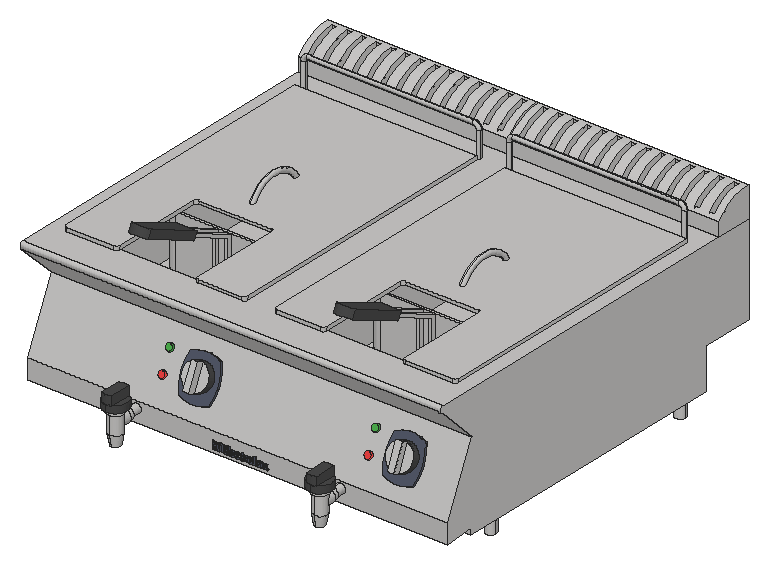
Revit family "QF_ELECTROLUXPROFESSIONAL_371143_E7FREH2E0N", category Specialty Equipment, Revit 2018 (continued)
Automatic sketch dimensions
  Extrusion 30 sketch curve to Extrusion 30 sketch curve = 57.15 mm
  plane 1 "BACK" to Extrusion 31 sketch curve = 6.761 mm
  plane 3 "LEFT" to Extrusion 31 sketch curve = 50.591 mm
  Extrusion 31 sketch curve to Extrusion 31 sketch curve = 9.296 mm
  Extrusion 31 sketch curve to Extrusion 31 sketch curve = 57.15 mm
  plane 1 "BACK" to Extrusion 32 sketch curve = 6.761 mm
  plane 3 "LEFT" to Extrusion 32 sketch curve = 78.433 mm
  Extrusion 32 sketch curve to Extrusion 32 sketch curve = 9.296 mm
  Extrusion 32 sketch curve to Extrusion 32 sketch curve = 57.15 mm
  plane 1 "BACK" to Extrusion 33 sketch curve = 6.761 mm
  plane 3 "LEFT" to Extrusion 33 sketch curve = 106.275 mm
  Extrusion 33 sketch curve to Extrusion 33 sketch curve = 9.296 mm
  Extrusion 33 sketch curve to Extrusion 33 sketch curve = 57.15 mm
  plane 1 "BACK" to Extrusion 34 sketch curve = 6.761 mm
  plane 3 "LEFT" to Extrusion 34 sketch curve = 134.118 mm
  Extrusion 34 sketch curve to Extrusion 34 sketch curve = 9.296 mm
  Extrusion 34 sketch curve to Extrusion 34 sketch curve = 57.15 mm
  plane 1 "BACK" to Extrusion 35 sketch curve = 6.761 mm
  plane 3 "LEFT" to Extrusion 35 sketch curve = 161.96 mm
  Extrusion 35 sketch curve to Extrusion 35 sketch curve = 9.296 mm
  Extrusion 35 sketch curve to Extrusion 35 sketch curve = 57.15 mm
  plane 1 "BACK" to Extrusion 36 sketch curve = 6.761 mm
  plane 3 "LEFT" to Extrusion 36 sketch curve = 189.802 mm
  Extrusion 36 sketch curve to Extrusion 36 sketch curve = 9.296 mm
  Extrusion 36 sketch curve to Extrusion 36 sketch curve = 57.15 mm
  plane 1 "BACK" to Extrusion 37 sketch curve = 6.761 mm
  Extrusion 37 sketch curve to plane 7 "Center Y" = 182.405 mm
  Extrusion 37 sketch curve to Extrusion 37 sketch curve = 9.296 mm
  Extrusion 37 sketch curve to Extrusion 37 sketch curve = 57.15 mm
  plane 1 "BACK" to Extrusion 38 sketch curve = 6.761 mm
  Extrusion 38 sketch curve to plane 7 "Center Y" = 154.563 mm
  Extrusion 38 sketch curve to Extrusion 38 sketch curve = 9.296 mm
  Extrusion 38 sketch curve to Extrusion 38 sketch curve = 57.15 mm
  plane 1 "BACK" to Extrusion 39 sketch curve = 6.761 mm
  Extrusion 39 sketch curve to plane 7 "Center Y" = 126.721 mm
  Extrusion 39 sketch curve to Extrusion 39 sketch curve = 9.296 mm
  Extrusion 39 sketch curve to Extrusion 39 sketch curve = 57.15 mm
  plane 1 "BACK" to Extrusion 40 sketch curve = 6.761 mm
  Extrusion 40 sketch curve to plane 7 "Center Y" = 98.878 mm
  Extrusion 40 sketch curve to Extrusion 40 sketch curve = 9.296 mm
  Extrusion 40 sketch curve to Extrusion 40 sketch curve = 57.15 mm
  plane 1 "BACK" to Extrusion 41 sketch curve = 6.761 mm
  Extrusion 41 sketch curve to plane 7 "Center Y" = 71.036 mm
  Extrusion 41 sketch curve to Extrusion 41 sketch curve = 9.296 mm
  Extrusion 41 sketch curve to Extrusion 41 sketch curve = 57.15 mm
  plane 1 "BACK" to Extrusion 42 sketch curve = 6.761 mm
  Extrusion 42 sketch curve to plane 7 "Center Y" = 43.194 mm
  Extrusion 42 sketch curve to Extrusion 42 sketch curve = 9.296 mm
  Extrusion 42 sketch curve to Extrusion 42 sketch curve = 57.15 mm
  Extrusion 44 sketch curve to plane 1 "BACK" = 6.761 mm
  Extrusion 44 sketch curve to plane 7 "Center Y" = 15.351 mm
  Extrusion 44 sketch curve to Extrusion 44 sketch curve = 9.296 mm
  Extrusion 44 sketch curve to Extrusion 44 sketch curve = 57.15 mm
  Extrusion 51 sketch curve to plane 1 "BACK" = 6.761 mm
  Extrusion 51 sketch curve to plane 7 "Center Y" = 182.405 mm
  Extrusion 51 sketch curve to Extrusion 51 sketch curve = 9.296 mm
  Extrusion 51 sketch curve to Extrusion 51 sketch curve = 57.15 mm
  Extrusion 52 sketch curve to plane 1 "BACK" = 6.761 mm
  Extrusion 52 sketch curve to plane 7 "Center Y" = 154.563 mm
  Extrusion 52 sketch curve to Extrusion 52 sketch curve = 9.296 mm
  Extrusion 52 sketch curve to Extrusion 52 sketch curve = 57.15 mm
  Extrusion 53 sketch curve to plane 1 "BACK" = 6.761 mm
  Extrusion 53 sketch curve to plane 7 "Center Y" = 126.721 mm
  Extrusion 53 sketch curve to Extrusion 53 sketch curve = 9.296 mm
  Extrusion 53 sketch curve to Extrusion 53 sketch curve = 57.15 mm
  Extrusion 54 sketch curve to plane 1 "BACK" = 6.761 mm
  Extrusion 54 sketch curve to plane 7 "Center Y" = 98.878 mm
  Extrusion 54 sketch curve to Extrusion 54 sketch curve = 9.296 mm
  Extrusion 54 sketch curve to Extrusion 54 sketch curve = 57.15 mm
  Extrusion 55 sketch curve to plane 1 "BACK" = 6.761 mm
  Extrusion 55 sketch curve to plane 7 "Center Y" = 71.036 mm
  Extrusion 55 sketch curve to Extrusion 55 sketch curve = 9.296 mm
  Extrusion 55 sketch curve to Extrusion 55 sketch curve = 57.15 mm
  Extrusion 56 sketch curve to plane 1 "BACK" = 6.761 mm
  Extrusion 56 sketch curve to plane 7 "Center Y" = 43.194 mm
  Extrusion 56 sketch curve to Extrusion 56 sketch curve = 9.296 mm
  Extrusion 56 sketch curve to Extrusion 56 sketch curve = 57.15 mm
  plane 7 "Center Y" to Extrusion 57 sketch curve = 1.588 mm
  Extrusion 57 sketch curve to plane 7 "Center Y" = 1.587 mm
  Extrusion 57 sketch curve to plane 1 "BACK" = 0 mm
  Extrusion 57 sketch curve to Extrusion 57 sketch curve = 69.85 mm
  Extrusion 1 sketch curve to plane 10 "TOP A" = 0 mm
  Extrusion 1 sketch curve to plane 9 "BASE" = 0 mm
  Extrusion 1 sketch curve to plane 1 "BACK" = 0 mm
  Extrusion 1 sketch curve to plane 12 = 46.038 mm
  plane 11 to Extrusion 1 sketch curve = 59.531 mm
  plane 9 "BASE" to Extrusion 1 sketch curve = 12.7 mm
  plane 11 to Extrusion 1 sketch curve = 62.516 mm
  Extrusion 1 sketch curve to plane 5 "FRONT" = 16.478 mm
  Extrusion 1 sketch curve to plane 5 "FRONT" = 4.973 mm
  Extrusion 1 sketch curve to plane 5 "FRONT" = 0.483 mm
  plane 9 "BASE" to Extrusion 1 sketch curve = 7.09 mm
  Extrusion 1 sketch curve to Extrusion 1 sketch curve = 38.1 mm
  plane 9 "BASE" to Extrusion 1 sketch curve = 77.788 mm
  Extrusion 1 sketch curve to plane 10 "TOP A" = 83.191 mm
  Extrusion 1 sketch curve to plane 10 "TOP A" = 10.84 mm
  Extrusion 2 sketch curve to plane 10 "TOP A" = 0 mm
  Extrusion 2 sketch curve to plane 1 "BACK" = 0 mm
  Extrusion 2 sketch curve to plane 6 "TOP" = 0 mm
  plane 1 "BACK" to Extrusion 2 sketch curve = 1.769 mm
  plane 10 "TOP A" to Extrusion 2 sketch curve = 25.4 mm
  plane 1 "BACK" to Extrusion 2 sketch curve = 69.85 mm
  plane 12 to Extrusion 3 sketch curve = 0.124 mm  (x2)
  Extrusion 3 sketch curve to plane 4 "RIGHT" = 33.338 mm
  plane 7 "Center Y" to Extrusion 3 sketch curve = 26.988 mm
  Extrusion 3 sketch curve to plane 7 "Center Y" = 26.988 mm
  plane 3 "LEFT" to Extrusion 3 sketch curve = 33.338 mm
  plane 11 to Extrusion 3 sketch curve = 57.877 mm
  Extrusion 3 sketch curve to Extrusion 3 sketch curve = 0 mm
  plane 11 to Extrusion 5 sketch curve = 0 mm  (x2)
  plane 12 to Extrusion 5 sketch curve = 0 mm  (x2)
  plane 3 "LEFT" to Extrusion 5 sketch curve = 11.112 mm  (x2)
  Extrusion 5 sketch curve to plane 4 "RIGHT" = 11.113 mm  (x2)
  Extrusion 6 sketch curve to Extrusion 1 = 31.333 mm  (x4)
  Extrusion 6 sketch curve to Extrusion 6 sketch curve = 12.3 mm  (x6)
  Extrusion 6 sketch curve to Extrusion 6 sketch curve = 34.925 mm  (x4)
  Extrusion 1 to Extrusion 6 sketch curve = 44.467 mm  (x2)
  Extrusion 1 to Extrusion 6 sketch curve = 49.735 mm
  Extrusion 6 sketch curve to Extrusion 6 sketch curve = 25.727 mm  (x4)
  Extrusion 6 sketch curve to Extrusion 6 sketch curve = 28.575 mm  (x2)
  Extrusion 1 to Extrusion 6 sketch curve = 361.542 mm
  Extrusion 7 sketch curve to Extrusion 7 sketch curve = 0 mm
  Extrusion 7 sketch curve to Extrusion 7 sketch curve = 388.937 mm
  Extrusion 8 sketch curve to Extrusion 8 sketch curve = 24.732 mm  (x2)
  Extrusion 8 sketch curve to Extrusion 8 sketch curve = 0 mm  (x2)
  Extrusion 1 to Extrusion 9 sketch curve = 39.678 mm  (x2)
  Extrusion 1 to Extrusion 9 sketch curve = 167.915 mm
  Extrusion 1 to Extrusion 9 sketch curve = 240.073 mm
  Extrusion 10 sketch curve to Extrusion 1 = 50.809 mm  (x2)
  Extrusion 1 to Extrusion 10 sketch curve = 167.915 mm
  Extrusion 1 to Extrusion 10 sketch curve = 240.073 mm
  Revolve 11 sketch curve to plane 9 "BASE" = 8.123 mm
  plane 5 "FRONT" to Revolve 11 sketch curve = 32.926 mm
  Revolve 11 sketch curve to Revolve 11 sketch curve = 0 mm
  Revolve 11 sketch curve to Revolve 11 sketch curve = 9.009 mm
  plane 5 "FRONT" to Revolve 11 sketch curve = 20.301 mm
  Revolve 11 sketch curve to Revolve 11 sketch curve = 3.277 mm
  Revolve 11 sketch curve to Revolve 11 sketch curve = 6.35 mm
  plane 9 "BASE" to Revolve 11 sketch curve = 12.388 mm
  Revolve 11 sketch curve to Revolve 11 sketch curve = 36.341 mm
  Revolve 11 sketch curve to Revolve 11 sketch curve = 7.879 mm
  Revolve 11 sketch curve to Revolve 11 sketch curve = 12.7 mm  (x2)
  Revolve 11 sketch curve to Revolve 11 sketch curve = 15.064 mm
  plane 5 "FRONT" to Revolve 12 sketch curve = 34.322 mm
  plane 5 "FRONT" to Revolve 12 sketch curve = 12.357 mm
  plane 5 "FRONT" to Revolve 12 sketch curve = 3.364 mm
  Revolve 12 sketch curve to plane 5 "FRONT" = 16.478 mm
  Revolve 12 sketch curve to Revolve 12 sketch curve = 0 mm  (x2)
  Revolve 12 sketch curve to Revolve 12 sketch curve = 9.137 mm
  plane 9 "BASE" to Revolve 12 sketch curve = 19.447 mm
  Revolve 12 sketch curve to Revolve 12 sketch curve = 1.702 mm
  Revolve 12 sketch curve to Revolve 12 sketch curve = 2.047 mm
  Revolve 12 sketch curve to Revolve 12 sketch curve = 12.303 mm
  Revolve 13 sketch curve to plane 9 "BASE" = 8.123 mm
  plane 5 "FRONT" to Revolve 13 sketch curve = 32.926 mm
  Revolve 13 sketch curve to Revolve 13 sketch curve = 0 mm
  Revolve 13 sketch curve to Revolve 13 sketch curve = 9.009 mm
  plane 5 "FRONT" to Revolve 13 sketch curve = 20.301 mm
  Revolve 13 sketch curve to Revolve 13 sketch curve = 3.277 mm
  Revolve 13 sketch curve to Revolve 13 sketch curve = 6.35 mm
  plane 9 "BASE" to Revolve 13 sketch curve = 12.388 mm
  Revolve 13 sketch curve to Revolve 13 sketch curve = 36.341 mm
  Revolve 13 sketch curve to Revolve 13 sketch curve = 7.879 mm
  Revolve 13 sketch curve to Revolve 13 sketch curve = 12.7 mm  (x2)
  Revolve 13 sketch curve to Revolve 13 sketch curve = 15.064 mm
  plane 5 "FRONT" to Revolve 14 sketch curve = 34.322 mm
  plane 5 "FRONT" to Revolve 14 sketch curve = 12.357 mm
  plane 5 "FRONT" to Revolve 14 sketch curve = 3.364 mm
  Revolve 14 sketch curve to plane 5 "FRONT" = 16.478 mm
  Revolve 14 sketch curve to Revolve 14 sketch curve = 0 mm  (x2)
  Revolve 14 sketch curve to Revolve 14 sketch curve = 9.137 mm
  plane 9 "BASE" to Revolve 14 sketch curve = 19.447 mm
  Revolve 14 sketch curve to Revolve 14 sketch curve = 1.702 mm
  Revolve 14 sketch curve to Revolve 14 sketch curve = 2.047 mm
  Revolve 14 sketch curve to Revolve 14 sketch curve = 12.303 mm
  Extrusion 15 sketch curve to Extrusion 15 sketch curve = 0 mm  (x5)
  Extrusion 15 sketch curve to Extrusion 15 sketch curve = 20.063 mm  (x2)
  Revolve 11 to Extrusion 15 sketch curve = 9.626 mm
  Extrusion 15 sketch curve to Revolve 11 = 9.626 mm
  Extrusion 15 sketch curve to Extrusion 15 sketch curve = 369.686 mm
  Extrusion 15 sketch curve to Extrusion 15 sketch curve = 9.626 mm
  Extrusion 1 to Extrusion 16 sketch curve = 33.906 mm
  plane 1 "BACK" to Extrusion 17 sketch curve = 0 mm
  Extrusion 17 sketch curve to plane 3 "LEFT" = 0 mm
  Extrusion 17 sketch curve to plane 4 "RIGHT" = 0 mm
  Extrusion 17 sketch curve to plane 3 "LEFT" = 150.019 mm
  plane 5 "FRONT" to Extrusion 17 sketch curve = 1.377 mm  (x2)
  plane 4 "RIGHT" to Extrusion 17 sketch curve = 150.019 mm
  Extrusion 17 sketch curve to plane 1 "BACK" = 150.019 mm
  curve 7 to plane 4 "RIGHT" = 0 mm
  plane 5 "FRONT" to curve 93 = 0 mm
  curve 6 to plane 3 "LEFT" = 0 mm
  plane 1 "BACK" to curve 4 = 0 mm
  plane 4 "RIGHT" to curve 3 = 150.019 mm
  curve 134 to plane 4 "RIGHT" = 13.453 mm
  curve 134 to curve 133 = 9.296 mm
  curve 43 to plane 4 "RIGHT" = 26.988 mm
  curve 44 to curve 45 = 6.35 mm
  curve 43 to curve 81 = 10.61 mm
  curve 140 to curve 139 = 9.296 mm
  curve 143 to curve 142 = 9.296 mm
  curve 142 to curve 146 = 18.547 mm
  curve 146 to curve 145 = 9.296 mm
  curve 45 to curve 46 = 88.9 mm
  curve 145 to curve 149 = 18.547 mm
  curve 46 to curve 61 = 6.35 mm
  curve 149 to curve 150 = 9.296 mm
  curve 47 to curve 48 = 6.35 mm
  plane 1 "BACK" to curve 153 = 6.761 mm
  curve 148 to curve 153 = 18.547 mm
  curve 152 to curve 151 = 9.296 mm
  plane 1 "BACK" to curve 156 = 6.761 mm
  curve 151 to curve 156 = 18.547 mm
  curve 47 to curve 67 = 54.879 mm
  curve 60 to curve 67 = 0 mm  (x2)
  curve 59 to plane 11 = 5.711 mm
  curve 47 to curve 59 = 58.32 mm
  curve 155 to curve 156 = 9.296 mm
  curve 48 to curve 64 = 56.049 mm
  plane 5 "FRONT" to curve 93 = 13.586 mm
  curve 60 to curve 93 = 8.46 mm
  curve 48 to curve 68 = 60.633 mm
  curve 93 to curve 90 = 1.381 mm
  curve 64 to curve 63 = 5.857 mm
  curve 68 to curve 70 = 4.449 mm
  curve 67 to curve 67 = 18.617 mm
  curve 90 to curve 89 = 9.626 mm
  plane 1 "BACK" to curve 159 = 6.761 mm
  curve 156 to curve 159 = 18.547 mm
  curve 63 to curve 66 = 17.363 mm
  curve 88 to curve 91 = 9.626 mm
  curve 91 to curve 92 = 1.488 mm
  curve 158 to curve 157 = 9.296 mm
  curve 66 to curve 65 = 5.857 mm
  curve 60 to curve 57 = 18.617 mm
  plane 1 "BACK" to curve 161 = 6.761 mm
  curve 157 to curve 161 = 18.547 mm
  curve 161 to curve 162 = 9.296 mm
  plane 1 "BACK" to curve 165 = 6.761 mm
  curve 160 to curve 165 = 18.547 mm
  curve 65 to curve 50 = 51.399 mm
  curve 164 to curve 163 = 9.296 mm
  curve 50 to curve 50 = 6.35 mm
  curve 51 to curve 52 = 6.35 mm
  plane 1 "BACK" to curve 168 = 6.761 mm
  curve 163 to curve 168 = 18.547 mm
  curve 167 to curve 166 = 9.296 mm
  plane 1 "BACK" to curve 171 = 6.761 mm
  curve 166 to curve 171 = 18.547 mm
  curve 170 to curve 169 = 9.296 mm
  curve 169 to curve 173 = 18.547 mm
  plane 7 "Center Y" to curve 53 = 33.338 mm
  plane 7 "Center Y" to curve 80 = 28.891 mm
  curve 54 to curve 55 = 6.35 mm
  curve 172 to curve 137 = 18.547 mm
  curve 137 to curve 136 = 9.296 mm
  plane 1 "BACK" to curve 94 = 6.761 mm
  curve 94 to plane 7 "Center Y" = 15.351 mm
  curve 94 to curve 95 = 9.296 mm
  curve 23 to plane 7 "Center Y" = 26.988 mm
  curve 23 to curve 76 = 1.903 mm
  curve 22 to curve 22 = 6.35 mm
  plane 1 "BACK" to curve 132 = 6.761 mm
  curve 95 to curve 132 = 18.547 mm
  plane 1 "BACK" to curve 129 = 6.761 mm
  curve 131 to curve 129 = 18.547 mm
  plane 1 "BACK" to curve 126 = 6.761 mm
  curve 128 to curve 126 = 18.547 mm
  curve 124 to curve 125 = 9.296 mm
  curve 22 to curve 20 = 82.55 mm
  curve 41 to plane 7 "Center Y" = 122.238 mm
  plane 1 "BACK" to curve 123 = 6.761 mm
  curve 125 to curve 123 = 18.547 mm
  curve 18 to curve 17 = 6.35 mm
  curve 121 to curve 122 = 9.296 mm
  plane 1 "BACK" to curve 118 = 6.761 mm
  curve 122 to curve 118 = 18.547 mm
  curve 118 to curve 119 = 9.296 mm
  curve 19 to curve 31 = 53.67 mm
  curve 26 to curve 34 = 4.079 mm
  plane 1 "BACK" to curve 117 = 6.761 mm
  curve 119 to curve 117 = 18.547 mm
  curve 26 to curve 86 = 6.654 mm
  curve 86 to curve 85 = 1.488 mm
  curve 34 to curve 35 = 5.857 mm
  curve 115 to curve 117 = 9.296 mm
  curve 85 to curve 82 = 9.626 mm
  curve 36 to curve 36 = 18.617 mm
  curve 29 to curve 36 = 0 mm
  plane 8 "Center X" to curve 38 = 38.031 mm
  curve 18 to curve 38 = 66.994 mm
  curve 40 to curve 40 = 4.449 mm
  curve 35 to curve 32 = 17.363 mm
  curve 82 to curve 84 = 9.626 mm
  curve 84 to curve 87 = 1.381 mm
  curve 32 to curve 33 = 5.857 mm
  curve 116 to curve 112 = 18.547 mm
  curve 29 to curve 36 = 18.617 mm
  curve 36 to curve 36 = 3.442 mm
  curve 36 to curve 29 = 3.442 mm
  curve 109 to curve 110 = 9.296 mm
  curve 33 to curve 16 = 56.049 mm
  curve 110 to curve 106 = 18.547 mm
  curve 30 to curve 14 = 58.32 mm
  curve 106 to curve 107 = 9.296 mm
  curve 15 to curve 14 = 6.35 mm
  plane 1 "BACK" to curve 105 = 6.761 mm
  curve 107 to curve 105 = 18.547 mm
  curve 103 to curve 104 = 9.296 mm
  plane 1 "BACK" to curve 102 = 6.761 mm
  curve 104 to curve 102 = 18.547 mm
  curve 100 to curve 101 = 9.296 mm
  plane 1 "BACK" to curve 99 = 6.761 mm
  curve 101 to curve 99 = 18.547 mm
  curve 97 to curve 98 = 9.296 mm
  curve 98 to curve 75 = 3.697 mm
  plane 3 "LEFT" to curve 13 = 33.338 mm
  curve 75 to curve 24 = 10.61 mm
  plane 1 "BACK" to curve 8 = 6.761 mm
  curve 98 to curve 8 = 18.547 mm
  curve 8 to curve 9 = 9.296 mm
  plane 5 "FRONT" to curve 1 = 1.377 mm
  curve 1 to plane 3 "LEFT" = 150.019 mm
  curve 1 to plane 1 "BACK" = 150.019 mm
  plane 1 "BACK" to curve 174 = 6.761 mm
  plane 1 "BACK" to curve 150 = 6.761 mm
  plane 1 "BACK" to curve 147 = 6.761 mm
  plane 1 "BACK" to curve 144 = 6.761 mm
  plane 1 "BACK" to curve 141 = 6.761 mm
  plane 1 "BACK" to curve 138 = 6.761 mm
  plane 1 "BACK" to curve 135 = 6.761 mm
  plane 1 "BACK" to curve 114 = 6.761 mm
  plane 1 "BACK" to curve 111 = 6.761 mm
  plane 1 "BACK" to curve 108 = 6.761 mm
  curve 8 to curve 8 = 57.15 mm
  curve 113 to curve 113 = 57.15 mm
  curve 112 to curve 115 = 0 mm
  curve 115 to curve 118 = 0 mm
  curve 130 to curve 94 = 0 mm
  curve 134 to curve 177 = 5.939 mm
  curve 137 to curve 78 = 36.504 mm
  curve 95 to curve 74 = 36.504 mm
  curve 78 to curve 79 = 7.655 mm
  curve 74 to curve 77 = 7.655 mm
  curve 75 to curve 24 = 4.767 mm
  curve 79 to curve 55 = 4.767 mm
  plane 8 "Center X" to curve 71 = 38.031 mm
  curve 70 to plane 8 "Center X" = 63.432 mm
  curve 39 to plane 8 "Center X" = 63.432 mm
  curve 38 to curve 18 = 46.229 mm
  curve 69 to curve 49 = 46.229 mm
  curve 50 to curve 72 = 22.324 mm
  curve 16 to curve 41 = 22.324 mm
  curve 16 to curve 32 = 25.499 mm
  curve 48 to curve 64 = 25.499 mm
  curve 32 to plane 11 = 5.711 mm
  plane 11 to curve 11 = 57.877 mm
  plane 11 to curve 62 = 57.877 mm
  plane 11 to curve 46 = 57.877 mm
  curve 30 to curve 31 = 0 mm
  curve 61 to curve 67 = 33.188 mm
  curve 30 to curve 36 = 33.188 mm
  curve 67 to curve 60 = 6.713 mm  (x2)
  curve 36 to curve 29 = 6.713 mm
  curve 60 to curve 67 = 4.011 mm
  curve 29 to curve 36 = 4.011 mm
  curve 36 to curve 28 = 6.713 mm
  plane 5 "FRONT" to curve 3 = 1.377 mm
  plane 5 "FRONT" to curve 83 = 10.673 mm
  curve 89 to curve 93 = 2.913 mm
  curve 82 to curve 85 = 2.19 mm
  Extrusion 18 sketch curve to plane 4 "RIGHT" = 26.988 mm
  Extrusion 18 sketch curve to Extrusion 18 sketch curve = 6.35 mm  (x8)
  Extrusion 18 sketch curve to Extrusion 18 sketch curve = 88.9 mm
  Extrusion 18 sketch curve to plane 4 "RIGHT" = 128.588 mm
  plane 7 "Center Y" to Extrusion 18 sketch curve = 128.588 mm
  plane 11 to Extrusion 18 sketch curve = 57.877 mm  (x4)
  plane 7 "Center Y" to Extrusion 18 sketch curve = 122.238 mm
  plane 7 "Center Y" to Extrusion 18 sketch curve = 33.338 mm
  Extrusion 18 sketch curve to plane 7 "Center Y" = 26.988 mm
  Extrusion 18 sketch curve to Extrusion 18 sketch curve = 82.55 mm
  plane 3 "LEFT" to Extrusion 18 sketch curve = 134.938 mm
  plane 3 "LEFT" to Extrusion 18 sketch curve = 128.588 mm
  plane 3 "LEFT" to Extrusion 18 sketch curve = 33.338 mm
  plane 3 "LEFT" to Extrusion 18 sketch curve = 26.988 mm
  Extrusion 18 sketch curve to plane 8 "Center X" = 116.012 mm  (x2)
  Extrusion 18 sketch curve to plane 12 = 34.801 mm  (x2)
  Sweep 19 sketch curve to plane 10 "TOP A" = 0 mm  (x2)
  Sweep 19 sketch curve to plane 6 "TOP" = 9.525 mm
  plane 3 "LEFT" to Sweep 19 sketch curve = 39.688 mm
  Sweep 19 sketch curve to Sweep 19 sketch curve = 6.35 mm  (x2)
  Sweep 19 sketch curve to plane 7 "Center Y" = 37.331 mm
  Sweep 19 sketch curve to profile plane = 2.09 mm
  profile plane to Sweep 19 sketch curve = 140.754 mm
  Extrusion 26 sketch curve to Extrusion 26 sketch curve = 0 mm  (x16)
  Extrusion 26 sketch curve to plane 4 "RIGHT" = 91.225 mm
  Extrusion 26 sketch curve to Extrusion 26 sketch curve = 3.175 mm  (x2)
  Extrusion 26 sketch curve to Extrusion 26 sketch curve = 22.225 mm  (x6)
  plane 7 "Center Y" to Extrusion 26 sketch curve = 105.625 mm  (x2)
  plane 12 to Extrusion 26 sketch curve = 44.673 mm
  Extrusion 26 sketch curve to plane 7 "Center Y" = 80.225 mm
  plane 3 "LEFT" to Extrusion 26 sketch curve = 116.625 mm  (x2)
  plane 12 to Extrusion 26 sketch curve = 41.498 mm
  Extrusion 26 sketch curve to plane 8 "Center X" = 116.11 mm  (x2)
  Sweep 29 sketch curve to plane 10 "TOP A" = 0 mm  (x2)
  Sweep 29 sketch curve to plane 6 "TOP" = 9.525 mm
  Sweep 29 sketch curve to plane 4 "RIGHT" = 39.688 mm
  Sweep 29 sketch curve to Sweep 29 sketch curve = 6.35 mm  (x2)
  plane 7 "Center Y" to Sweep 29 sketch curve = 37.331 mm
  profile plane to Sweep 29 sketch curve = 2.09 mm
  profile plane to Sweep 29 sketch curve = 140.754 mm
  Extrusion 43 sketch curve to plane 1 "BACK" = 6.761 mm
  plane 4 "RIGHT" to Extrusion 43 sketch curve = 22.749 mm
  Extrusion 43 sketch curve to Extrusion 43 sketch curve = 9.296 mm
  Extrusion 43 sketch curve to Extrusion 43 sketch curve = 57.15 mm
  Extrusion 45 sketch curve to plane 1 "BACK" = 6.761 mm
  plane 4 "RIGHT" to Extrusion 45 sketch curve = 50.591 mm
  Extrusion 45 sketch curve to Extrusion 45 sketch curve = 9.296 mm
  Extrusion 45 sketch curve to Extrusion 45 sketch curve = 57.15 mm
  Extrusion 46 sketch curve to plane 1 "BACK" = 6.761 mm
  plane 4 "RIGHT" to Extrusion 46 sketch curve = 78.433 mm
  Extrusion 46 sketch curve to Extrusion 46 sketch curve = 9.296 mm
  Extrusion 46 sketch curve to Extrusion 46 sketch curve = 57.15 mm
  Extrusion 47 sketch curve to plane 1 "BACK" = 6.761 mm
  plane 4 "RIGHT" to Extrusion 47 sketch curve = 106.275 mm
  Extrusion 47 sketch curve to Extrusion 47 sketch curve = 9.296 mm
  Extrusion 47 sketch curve to Extrusion 47 sketch curve = 57.15 mm
  Extrusion 48 sketch curve to plane 1 "BACK" = 6.761 mm
  plane 4 "RIGHT" to Extrusion 48 sketch curve = 134.118 mm
  Extrusion 48 sketch curve to Extrusion 48 sketch curve = 9.296 mm
  Extrusion 48 sketch curve to Extrusion 48 sketch curve = 57.15 mm
  Extrusion 49 sketch curve to plane 1 "BACK" = 6.761 mm
  plane 4 "RIGHT" to Extrusion 49 sketch curve = 161.96 mm
  Extrusion 49 sketch curve to Extrusion 49 sketch curve = 9.296 mm
  Extrusion 49 sketch curve to Extrusion 49 sketch curve = 57.15 mm
  Extrusion 50 sketch curve to plane 1 "BACK" = 6.761 mm
  plane 4 "RIGHT" to Extrusion 50 sketch curve = 189.802 mm
  Extrusion 50 sketch curve to Extrusion 50 sketch curve = 9.296 mm
  Extrusion 50 sketch curve to Extrusion 50 sketch curve = 57.15 mm
  plane 7 "Center Y" to curve 175 = 1.587 mm
  curve 176 to plane 7 "Center Y" = 1.588 mm
  curve 176 to curve 175 = 0 mm
  plane 3 "LEFT" to curve 178 = 13.453 mm
  curve 178 to curve 178 = 9.296 mm
  curve 178 to curve 180 = 18.547 mm
  curve 180 to curve 180 = 9.296 mm
  curve 180 to curve 181 = 18.547 mm
  curve 181 to curve 181 = 9.296 mm
  curve 181 to curve 182 = 18.547 mm
  curve 182 to curve 182 = 9.296 mm
  curve 182 to curve 183 = 18.547 mm
  curve 183 to curve 183 = 9.296 mm
  curve 183 to curve 184 = 18.547 mm
  curve 184 to curve 184 = 9.296 mm
  curve 184 to curve 185 = 18.547 mm
  curve 185 to curve 185 = 9.296 mm
  curve 185 to curve 186 = 18.547 mm
  curve 186 to curve 186 = 9.296 mm
  curve 186 to curve 187 = 18.547 mm
  curve 187 to curve 187 = 9.296 mm
  curve 187 to curve 188 = 18.547 mm
  curve 188 to curve 188 = 9.296 mm
  curve 188 to curve 189 = 18.547 mm
  curve 189 to curve 189 = 9.296 mm
  curve 189 to curve 190 = 18.547 mm
  curve 190 to curve 190 = 9.296 mm
  curve 190 to curve 191 = 18.547 mm
  curve 191 to curve 191 = 9.296 mm
  curve 191 to curve 179 = 18.547 mm
  curve 179 to curve 179 = 9.296 mm
  plane 7 "Center Y" to curve 193 = 15.351 mm
  curve 193 to curve 193 = 9.296 mm
  curve 193 to curve 205 = 18.547 mm
  curve 205 to curve 205 = 9.296 mm
  curve 205 to curve 204 = 18.547 mm
  curve 204 to curve 204 = 9.296 mm
  curve 204 to curve 203 = 18.547 mm
  curve 203 to curve 203 = 9.296 mm
  curve 203 to curve 202 = 18.547 mm
  curve 202 to curve 202 = 9.296 mm
  curve 202 to curve 201 = 18.547 mm
  curve 201 to curve 201 = 9.296 mm
  curve 201 to curve 200 = 18.547 mm
  curve 200 to curve 200 = 9.296 mm
  curve 200 to curve 199 = 18.547 mm
  curve 199 to curve 199 = 9.296 mm
  curve 199 to curve 198 = 18.547 mm
  curve 198 to curve 198 = 9.296 mm
  curve 198 to curve 197 = 18.547 mm
  curve 197 to curve 197 = 9.296 mm
  curve 197 to curve 196 = 18.547 mm
  curve 196 to curve 196 = 9.296 mm
  curve 196 to curve 195 = 18.547 mm
  curve 195 to curve 195 = 9.296 mm
  curve 195 to curve 194 = 18.547 mm
  curve 194 to curve 194 = 9.296 mm
  curve 194 to curve 192 = 18.547 mm
  curve 192 to curve 192 = 9.296 mm
  plane 1 "BACK" to curve 178 = 63.911 mm
  plane 1 "BACK" to curve 179 = 63.911 mm
  curve 178 to curve 180 = 0 mm
  curve 180 to curve 181 = 0 mm
  curve 181 to curve 182 = 0 mm
  curve 182 to curve 183 = 0 mm
  curve 183 to curve 184 = 0 mm
  curve 184 to curve 185 = 0 mm
  curve 185 to curve 186 = 0 mm
  curve 186 to curve 187 = 0 mm
  curve 187 to curve 188 = 0 mm
  curve 188 to curve 189 = 0 mm
  curve 189 to curve 190 = 0 mm
  curve 190 to curve 191 = 0 mm
  plane 1 "BACK" to curve 192 = 63.911 mm
  curve 179 to curve 193 = 0 mm
  curve 194 to curve 192 = 0 mm
  curve 195 to curve 194 = 0 mm
  curve 196 to curve 195 = 0 mm
  curve 197 to curve 196 = 0 mm
  curve 198 to curve 197 = 0 mm
  curve 199 to curve 198 = 0 mm
  curve 200 to curve 199 = 0 mm
  curve 201 to curve 200 = 0 mm
  curve 202 to curve 201 = 0 mm
  curve 203 to curve 202 = 0 mm
  curve 204 to curve 203 = 0 mm
  curve 205 to curve 204 = 0 mm
  curve 133 to curve 140 = 18.547 mm
  curve 139 to curve 144 = 18.547 mm
  curve 173 to curve 172 = 9.296 mm
  curve 130 to curve 131 = 9.296 mm
  curve 127 to curve 129 = 9.296 mm
  curve 112 to curve 113 = 9.296 mm
  curve 113 to curve 109 = 18.547 mm
  curve 124 to curve 124 = 57.15 mm
  curve 125 to curve 124 = 0 mm
  curve 124 to curve 127 = 0 mm
  curve 128 to curve 127 = 0 mm
  curve 122 to curve 125 = 0 mm
  curve 122 to curve 121 = 0 mm
  curve 127 to curve 130 = 0 mm
  curve 131 to curve 130 = 0 mm
  curve 133 to curve 133 = 57.15 mm
  curve 133 to curve 134 = 0 mm
  curve 119 to curve 122 = 0 mm
  curve 119 to curve 118 = 0 mm
  curve 136 to curve 175 = 5.939 mm
  curve 136 to curve 137 = 0 mm
  curve 140 to curve 133 = 0 mm
  curve 142 to curve 140 = 0 mm
  curve 116 to curve 115 = 0 mm
  curve 142 to curve 143 = 0 mm
  curve 145 to curve 142 = 0 mm
  curve 145 to curve 146 = 0 mm
  curve 148 to curve 145 = 0 mm
  curve 148 to curve 149 = 0 mm
  curve 151 to curve 148 = 0 mm
  curve 151 to curve 152 = 0 mm
  curve 154 to curve 151 = 0 mm
  curve 110 to curve 113 = 0 mm
  curve 110 to curve 109 = 0 mm
  curve 154 to curve 155 = 0 mm
  curve 95 to curve 94 = 0 mm
  curve 157 to curve 154 = 0 mm
  curve 107 to curve 110 = 0 mm
  curve 107 to curve 106 = 0 mm
  curve 157 to curve 158 = 0 mm
  curve 160 to curve 157 = 0 mm
  curve 160 to curve 161 = 0 mm
  curve 163 to curve 160 = 0 mm
  curve 104 to curve 107 = 0 mm
  curve 104 to curve 103 = 0 mm
  curve 163 to curve 164 = 0 mm
  curve 166 to curve 163 = 0 mm
  curve 166 to curve 167 = 0 mm
  curve 169 to curve 166 = 0 mm
  curve 101 to curve 104 = 0 mm
  curve 101 to curve 100 = 0 mm
  curve 169 to curve 170 = 0 mm
  curve 137 to curve 172 = 0 mm
  curve 172 to curve 173 = 0 mm
  curve 9 to curve 8 = 0 mm
  curve 8 to curve 98 = 0 mm
  curve 98 to curve 97 = 0 mm
  curve 139 to curve 140 = 0 mm
  plane 9 "BASE" to Extrusion 58 sketch curve = 9.251 mm
  plane 9 "BASE" to Extrusion 58 sketch curve = 14.292 mm
  plane 9 "BASE" to Extrusion 58 sketch curve = 14.311 mm
  Extrusion 58 sketch curve to plane 7 "Center Y" = 0.672 mm
  Extrusion 58 sketch curve to Extrusion 58 sketch curve = 0 mm  (x28)
  Extrusion 58 sketch curve to Extrusion 58 sketch curve = 5.108 mm  (x2)
  Extrusion 58 sketch curve to Extrusion 58 sketch curve = 0.054 mm
  Extrusion 58 sketch curve to Extrusion 58 sketch curve = 0.218 mm
  Extrusion 58 sketch curve to Extrusion 58 sketch curve = 0.195 mm
  Extrusion 58 sketch curve to Extrusion 58 sketch curve = 0.249 mm
  plane 9 "BASE" to Extrusion 58 sketch curve = 14.608 mm
  Extrusion 58 sketch curve to Extrusion 58 sketch curve = 0.087 mm
  Extrusion 58 sketch curve to Extrusion 58 sketch curve = 0.358 mm
  Extrusion 58 sketch curve to Extrusion 58 sketch curve = 0.481 mm
  Extrusion 58 sketch curve to Extrusion 58 sketch curve = 0.597 mm
  Extrusion 58 sketch curve to Extrusion 58 sketch curve = 0.544 mm
  Extrusion 58 sketch curve to Extrusion 58 sketch curve = 0.936 mm
  Extrusion 58 sketch curve to Extrusion 58 sketch curve = 0.594 mm
  Extrusion 58 sketch curve to Extrusion 58 sketch curve = 0.343 mm
  Extrusion 58 sketch curve to Extrusion 58 sketch curve = 0.159 mm
  Extrusion 58 sketch curve to Extrusion 58 sketch curve = 0.826 mm
  Extrusion 58 sketch curve to Extrusion 58 sketch curve = 0.839 mm
  Extrusion 58 sketch curve to Extrusion 58 sketch curve = 0.852 mm
  Extrusion 58 sketch curve to Extrusion 58 sketch curve = 0.887 mm
  Extrusion 58 sketch curve to Extrusion 58 sketch curve = 0.928 mm
  Extrusion 58 sketch curve to Extrusion 58 sketch curve = 0.938 mm
  Extrusion 58 sketch curve to Extrusion 58 sketch curve = 0.444 mm
  Extrusion 58 sketch curve to Extrusion 58 sketch curve = 1.11 mm  (x3)
  Extrusion 58 sketch curve to Extrusion 58 sketch curve = 0.215 mm
  Extrusion 58 sketch curve to Extrusion 58 sketch curve = 1.43 mm
  Extrusion 58 sketch curve to Extrusion 58 sketch curve = 1.188 mm
  Extrusion 58 sketch curve to Extrusion 58 sketch curve = 1.21 mm  (x2)
  Extrusion 58 sketch curve to Extrusion 58 sketch curve = 0.503 mm
  Extrusion 58 sketch curve to Extrusion 58 sketch curve = 0.488 mm
  Extrusion 58 sketch curve to Extrusion 58 sketch curve = 0.462 mm
  Extrusion 58 sketch curve to Extrusion 58 sketch curve = 1.386 mm
  Extrusion 58 sketch curve to Extrusion 58 sketch curve = 1.742 mm  (x2)
  Extrusion 58 sketch curve to Extrusion 58 sketch curve = 0.821 mm
  Extrusion 58 sketch curve to Extrusion 58 sketch curve = 0.497 mm
  Extrusion 58 sketch curve to Extrusion 58 sketch curve = 0.539 mm
  Extrusion 58 sketch curve to Extrusion 58 sketch curve = 0.686 mm
  Extrusion 58 sketch curve to Extrusion 58 sketch curve = 0.408 mm
  Extrusion 58 sketch curve to Extrusion 58 sketch curve = 0.743 mm
  Extrusion 58 sketch curve to Extrusion 58 sketch curve = 1.16 mm
  Extrusion 58 sketch curve to Extrusion 58 sketch curve = 0.329 mm
  Extrusion 58 sketch curve to Extrusion 58 sketch curve = 1.054 mm
  Extrusion 58 sketch curve to Extrusion 58 sketch curve = 1.056 mm
  Extrusion 58 sketch curve to Extrusion 58 sketch curve = 0.129 mm
  Extrusion 58 sketch curve to Extrusion 58 sketch curve = 0.489 mm
  Extrusion 58 sketch curve to Extrusion 58 sketch curve = 0.441 mm
  Extrusion 58 sketch curve to Extrusion 58 sketch curve = 1.151 mm
  Extrusion 58 sketch curve to Extrusion 58 sketch curve = 1.141 mm  (x2)
  Extrusion 58 sketch curve to Extrusion 58 sketch curve = 0.768 mm
  Extrusion 58 sketch curve to Extrusion 58 sketch curve = 1.653 mm
  Extrusion 58 sketch curve to Extrusion 58 sketch curve = 0.499 mm
  Extrusion 58 sketch curve to Extrusion 58 sketch curve = 0.964 mm
  Extrusion 58 sketch curve to Extrusion 58 sketch curve = 0.949 mm
  Extrusion 58 sketch curve to Extrusion 58 sketch curve = 1.345 mm  (x2)
  Extrusion 58 sketch curve to Extrusion 58 sketch curve = 1.101 mm
  Extrusion 58 sketch curve to Extrusion 58 sketch curve = 0.432 mm
  Extrusion 58 sketch curve to Extrusion 58 sketch curve = 1.142 mm
  Extrusion 58 sketch curve to Extrusion 58 sketch curve = 0.959 mm
  Extrusion 58 sketch curve to Extrusion 58 sketch curve = 0.176 mm
  Extrusion 58 sketch curve to Extrusion 58 sketch curve = 0.728 mm
  Extrusion 58 sketch curve to Extrusion 58 sketch curve = 3.375 mm  (x2)
  Extrusion 58 sketch curve to Extrusion 58 sketch curve = 0.541 mm
  Extrusion 58 sketch curve to Extrusion 58 sketch curve = 0.955 mm
  Extrusion 58 sketch curve to Extrusion 58 sketch curve = 1.251 mm
  Extrusion 58 sketch curve to Extrusion 58 sketch curve = 0.572 mm
  Extrusion 58 sketch curve to Extrusion 58 sketch curve = 1.92 mm
  Extrusion 58 sketch curve to Extrusion 58 sketch curve = 1.224 mm
  Extrusion 58 sketch curve to Extrusion 58 sketch curve = 0.745 mm
  Extrusion 58 sketch curve to plane 7 "Center Y" = 0.1 mm
  Extrusion 58 sketch curve to Extrusion 58 sketch curve = 2.537 mm
  Extrusion 58 sketch curve to Extrusion 58 sketch curve = 0.896 mm  (x3)
  Extrusion 58 sketch curve to Extrusion 58 sketch curve = 0.036 mm
  Extrusion 58 sketch curve to Extrusion 58 sketch curve = 2.607 mm
  Extrusion 58 sketch curve to Extrusion 58 sketch curve = 0.066 mm
  Extrusion 58 sketch curve to Extrusion 58 sketch curve = 0.248 mm
  Extrusion 58 sketch curve to Extrusion 58 sketch curve = 0.449 mm
  Extrusion 58 sketch curve to Extrusion 58 sketch curve = 1.052 mm
  Extrusion 58 sketch curve to Extrusion 58 sketch curve = 1.863 mm
  Extrusion 58 sketch curve to Extrusion 58 sketch curve = 1.31 mm  (x2)
  Extrusion 58 sketch curve to Extrusion 58 sketch curve = 0.901 mm
  plane 7 "Center Y" to Extrusion 58 sketch curve = 0.457 mm
  Extrusion 58 sketch curve to Extrusion 58 sketch curve = 1.107 mm
  Extrusion 58 sketch curve to Extrusion 58 sketch curve = 2.122 mm
  Extrusion 58 sketch curve to Extrusion 58 sketch curve = 2.101 mm
  Extrusion 58 sketch curve to Extrusion 58 sketch curve = 0.106 mm
  Extrusion 58 sketch curve to Extrusion 58 sketch curve = 0.029 mm
  Extrusion 58 sketch curve to Extrusion 58 sketch curve = 2.09 mm
  Extrusion 58 sketch curve to Extrusion 58 sketch curve = 1.279 mm
  Extrusion 58 sketch curve to Extrusion 58 sketch curve = 2.008 mm
  Extrusion 58 sketch curve to Extrusion 58 sketch curve = 0.738 mm
  Extrusion 58 sketch curve to Extrusion 58 sketch curve = 0.382 mm
  Extrusion 58 sketch curve to Extrusion 58 sketch curve = 0.384 mm
  Extrusion 58 sketch curve to Extrusion 58 sketch curve = 0.002 mm
  Extrusion 58 sketch curve to Extrusion 58 sketch curve = 0.561 mm
  Extrusion 58 sketch curve to Extrusion 58 sketch curve = 0.592 mm
  Extrusion 58 sketch curve to Extrusion 58 sketch curve = 2.692 mm
  Extrusion 58 sketch curve to Extrusion 58 sketch curve = 1.259 mm
  Extrusion 58 sketch curve to Extrusion 58 sketch curve = 0.802 mm
  Extrusion 58 sketch curve to Extrusion 58 sketch curve = 1.024 mm  (x2)
  Extrusion 58 sketch curve to Extrusion 58 sketch curve = 0.682 mm
  Extrusion 58 sketch curve to Extrusion 58 sketch curve = 5.934 mm
  Extrusion 58 sketch curve to Extrusion 58 sketch curve = 2.186 mm
  Extrusion 58 sketch curve to Extrusion 58 sketch curve = 0.337 mm
  Extrusion 58 sketch curve to Extrusion 58 sketch curve = 0.021 mm
  Extrusion 58 sketch curve to Extrusion 58 sketch curve = 1.005 mm
  Extrusion 58 sketch curve to Extrusion 58 sketch curve = 0.552 mm
  Extrusion 58 sketch curve to Extrusion 58 sketch curve = 0.778 mm
  Extrusion 58 sketch curve to Extrusion 58 sketch curve = 0.063 mm
  Extrusion 58 sketch curve to Extrusion 58 sketch curve = 1.023 mm
  Extrusion 58 sketch curve to Extrusion 58 sketch curve = 3.804 mm
  Extrusion 58 sketch curve to Extrusion 58 sketch curve = 0.486 mm
  Extrusion 58 sketch curve to Extrusion 58 sketch curve = 0.266 mm  (x2)
  Extrusion 58 sketch curve to Extrusion 58 sketch curve = 1.547 mm
  Extrusion 58 sketch curve to Extrusion 58 sketch curve = 0.717 mm  (x2)
  Extrusion 58 sketch curve to Extrusion 58 sketch curve = 1.667 mm
  Extrusion 58 sketch curve to Extrusion 58 sketch curve = 3.174 mm
  Extrusion 58 sketch curve to Extrusion 58 sketch curve = 0.388 mm
  Extrusion 58 sketch curve to Extrusion 58 sketch curve = 1.342 mm
  Extrusion 58 sketch curve to Extrusion 58 sketch curve = 1.521 mm
  Extrusion 58 sketch curve to Extrusion 58 sketch curve = 0.124 mm
  Extrusion 58 sketch curve to Extrusion 58 sketch curve = 0.291 mm
  plane 7 "Center Y" to Extrusion 58 sketch curve = 11.312 mm
  Extrusion 58 sketch curve to Extrusion 58 sketch curve = 1.049 mm  (x2)
  Extrusion 58 sketch curve to Extrusion 58 sketch curve = 1.7 mm
  Extrusion 58 sketch curve to Extrusion 58 sketch curve = 0.894 mm
  Extrusion 58 sketch curve to Extrusion 58 sketch curve = 0.989 mm
  Extrusion 58 sketch curve to Extrusion 58 sketch curve = 1.168 mm
  Extrusion 58 sketch curve to Extrusion 58 sketch curve = 1.594 mm
  Extrusion 58 sketch curve to Extrusion 58 sketch curve = 0.731 mm
  Extrusion 58 sketch curve to Extrusion 58 sketch curve = 1.566 mm
  Extrusion 58 sketch curve to Extrusion 58 sketch curve = 0.064 mm
  Extrusion 58 sketch curve to Extrusion 58 sketch curve = 0.556 mm  (x3)
  Extrusion 58 sketch curve to Extrusion 58 sketch curve = 0.48 mm
  Extrusion 58 sketch curve to Extrusion 58 sketch curve = 1.018 mm
  Extrusion 58 sketch curve to Extrusion 58 sketch curve = 0.787 mm
  Extrusion 58 sketch curve to Extrusion 58 sketch curve = 0.618 mm
  Extrusion 58 sketch curve to Extrusion 58 sketch curve = 1.672 mm
  Extrusion 58 sketch curve to Extrusion 58 sketch curve = 1.361 mm
  Extrusion 58 sketch curve to Extrusion 58 sketch curve = 0.822 mm
  Extrusion 58 sketch curve to Extrusion 58 sketch curve = 0.069 mm
  Extrusion 58 sketch curve to Extrusion 58 sketch curve = 1.88 mm
  Extrusion 58 sketch curve to Extrusion 58 sketch curve = 0.42 mm
  Extrusion 58 sketch curve to Extrusion 58 sketch curve = 0.062 mm
  plane 7 "Center Y" to Extrusion 58 sketch curve = 0.984 mm
  Extrusion 58 sketch curve to Extrusion 58 sketch curve = 1.355 mm
  Extrusion 58 sketch curve to Extrusion 58 sketch curve = 2.34 mm
  Extrusion 58 sketch curve to Extrusion 58 sketch curve = 0.493 mm
  Extrusion 58 sketch curve to Extrusion 58 sketch curve = 0.136 mm
  Extrusion 58 sketch curve to Extrusion 58 sketch curve = 0.128 mm
  Extrusion 58 sketch curve to Extrusion 58 sketch curve = 3.616 mm
  Extrusion 58 sketch curve to Extrusion 58 sketch curve = 4.207 mm
  Extrusion 58 sketch curve to Extrusion 58 sketch curve = 0.183 mm
  Extrusion 58 sketch curve to Extrusion 58 sketch curve = 0.895 mm
  Extrusion 58 sketch curve to Extrusion 58 sketch curve = 1.314 mm
  Extrusion 58 sketch curve to Extrusion 58 sketch curve = 3.231 mm
  Extrusion 58 sketch curve to Extrusion 58 sketch curve = 1.299 mm
  Extrusion 58 sketch curve to Extrusion 58 sketch curve = 1.214 mm
  Extrusion 58 sketch curve to Extrusion 58 sketch curve = 1.264 mm
  Extrusion 58 sketch curve to Extrusion 58 sketch curve = 0.109 mm
  Extrusion 58 sketch curve to Extrusion 58 sketch curve = 0.357 mm
  Extrusion 58 sketch curve to Extrusion 58 sketch curve = 0.565 mm
  Extrusion 58 sketch curve to Extrusion 58 sketch curve = 2.504 mm
  Extrusion 58 sketch curve to Extrusion 58 sketch curve = 2.459 mm
  Extrusion 58 sketch curve to Extrusion 58 sketch curve = 7.273 mm
  Extrusion 58 sketch curve to Extrusion 58 sketch curve = 1.322 mm
  Extrusion 58 sketch curve to Extrusion 58 sketch curve = 1.134 mm
  Extrusion 58 sketch curve to Extrusion 58 sketch curve = 2.51 mm
  Extrusion 58 sketch curve to Extrusion 58 sketch curve = 0.187 mm
  Extrusion 58 sketch curve to Extrusion 58 sketch curve = 2.559 mm
  Extrusion 58 sketch curve to Extrusion 58 sketch curve = 1.556 mm
  Extrusion 58 sketch curve to Extrusion 58 sketch curve = 0.222 mm
  Extrusion 58 sketch curve to Extrusion 58 sketch curve = 1.383 mm
  Extrusion 58 sketch curve to Extrusion 58 sketch curve = 3.114 mm
  Extrusion 58 sketch curve to Extrusion 58 sketch curve = 3.376 mm
  Extrusion 58 sketch curve to Extrusion 58 sketch curve = 0.934 mm
  Extrusion 58 sketch curve to Extrusion 58 sketch curve = 0.191 mm
  Extrusion 58 sketch curve to Extrusion 58 sketch curve = 3.696 mm
  Extrusion 58 sketch curve to Extrusion 58 sketch curve = 2.708 mm
  Extrusion 58 sketch curve to Extrusion 58 sketch curve = 3.333 mm
  Extrusion 58 sketch curve to Extrusion 58 sketch curve = 0.332 mm
  Extrusion 58 sketch curve to Extrusion 58 sketch curve = 1.087 mm
  Extrusion 58 sketch curve to Extrusion 58 sketch curve = 2.23 mm
  Extrusion 58 sketch curve to Extrusion 58 sketch curve = 2.757 mm
  Extrusion 58 sketch curve to Extrusion 58 sketch curve = 0.987 mm
  Extrusion 58 sketch curve to Extrusion 58 sketch curve = 1.529 mm
  Extrusion 58 sketch curve to Extrusion 58 sketch curve = 1.796 mm
  Extrusion 58 sketch curve to Extrusion 58 sketch curve = 2.859 mm
  Extrusion 58 sketch curve to Extrusion 58 sketch curve = 0.853 mm
  Extrusion 58 sketch curve to Extrusion 58 sketch curve = 1.241 mm
  Extrusion 58 sketch curve to Extrusion 58 sketch curve = 2.046 mm  (x2)
  Extrusion 58 sketch curve to Extrusion 58 sketch curve = 2.422 mm
  Extrusion 58 sketch curve to Extrusion 58 sketch curve = 0.27 mm  (x2)
  Extrusion 58 sketch curve to Extrusion 58 sketch curve = 0.69 mm
  Extrusion 58 sketch curve to Extrusion 58 sketch curve = 0.781 mm  (x2)
  Extrusion 58 sketch curve to Extrusion 58 sketch curve = 3.136 mm
  Extrusion 58 sketch curve to Extrusion 58 sketch curve = 1.767 mm
  Extrusion 58 sketch curve to Extrusion 58 sketch curve = 0.138 mm
  Extrusion 58 sketch curve to Extrusion 58 sketch curve = 0.777 mm
  Extrusion 58 sketch curve to Extrusion 58 sketch curve = 1.19 mm
  Extrusion 58 sketch curve to Extrusion 58 sketch curve = 0.782 mm
  Extrusion 58 sketch curve to Extrusion 58 sketch curve = 1.268 mm
  Extrusion 58 sketch curve to Extrusion 58 sketch curve = 0.422 mm
  Extrusion 58 sketch curve to Extrusion 58 sketch curve = 1.559 mm
  Extrusion 58 sketch curve to Extrusion 58 sketch curve = 3.927 mm
  Extrusion 58 sketch curve to Extrusion 58 sketch curve = 0.983 mm
  Extrusion 58 sketch curve to Extrusion 58 sketch curve = 0.366 mm
  Extrusion 58 sketch curve to Extrusion 58 sketch curve = 0.094 mm
  Extrusion 58 sketch curve to Extrusion 58 sketch curve = 1.584 mm
  Extrusion 58 sketch curve to Extrusion 58 sketch curve = 1.501 mm
  Extrusion 58 sketch curve to Extrusion 58 sketch curve = 0.643 mm
  Extrusion 58 sketch curve to Extrusion 58 sketch curve = 0.916 mm
  Extrusion 58 sketch curve to Extrusion 58 sketch curve = 0.352 mm
  plane 7 "Center Y" to Extrusion 58 sketch curve = 0.583 mm
  Extrusion 58 sketch curve to Extrusion 58 sketch curve = 0.685 mm
  Extrusion 58 sketch curve to Extrusion 58 sketch curve = 0.905 mm
  Extrusion 58 sketch curve to Extrusion 58 sketch curve = 2.865 mm
  Extrusion 58 sketch curve to Extrusion 58 sketch curve = 0.472 mm
  Extrusion 58 sketch curve to Extrusion 58 sketch curve = 0.101 mm
  Extrusion 58 sketch curve to Extrusion 58 sketch curve = 0.54 mm
  Extrusion 58 sketch curve to Extrusion 58 sketch curve = 0.02 mm
  Extrusion 58 sketch curve to Extrusion 58 sketch curve = 0.468 mm
  Extrusion 58 sketch curve to Extrusion 58 sketch curve = 0.829 mm
  Extrusion 58 sketch curve to Extrusion 58 sketch curve = 0.582 mm
  Extrusion 58 sketch curve to Extrusion 58 sketch curve = 0.166 mm
  Extrusion 58 sketch curve to Extrusion 58 sketch curve = 0.16 mm
  Extrusion 58 sketch curve to Extrusion 58 sketch curve = 2.781 mm
  Extrusion 58 sketch curve to Extrusion 58 sketch curve = 1.118 mm
  Extrusion 58 sketch curve to Extrusion 58 sketch curve = 0.613 mm
  Extrusion 58 sketch curve to Extrusion 58 sketch curve = 0.361 mm
  Extrusion 58 sketch curve to Extrusion 58 sketch curve = 0.897 mm
  Extrusion 58 sketch curve to Extrusion 58 sketch curve = 0.167 mm
  Extrusion 58 sketch curve to Extrusion 58 sketch curve = 0.292 mm
  Extrusion 58 sketch curve to Extrusion 58 sketch curve = 0.305 mm
  Extrusion 58 sketch curve to Extrusion 58 sketch curve = 1.557 mm
  Extrusion 58 sketch curve to Extrusion 58 sketch curve = 2.499 mm
  Extrusion 58 sketch curve to Extrusion 58 sketch curve = 3.062 mm
  Extrusion 58 sketch curve to Extrusion 58 sketch curve = 2.968 mm
  Extrusion 58 sketch curve to Extrusion 58 sketch curve = 5.044 mm
  Extrusion 58 sketch curve to Extrusion 58 sketch curve = 0.629 mm  (x2)
  Extrusion 58 sketch curve to Extrusion 58 sketch curve = 1.131 mm
  Extrusion 58 sketch curve to Extrusion 58 sketch curve = 0.137 mm
  Extrusion 58 sketch curve to Extrusion 58 sketch curve = 0.027 mm
  Extrusion 58 sketch curve to Extrusion 58 sketch curve = 2.235 mm
  radius of Sweep 23 sketch curve = 4.353 mm
  radius of Sweep 24 sketch curve = 4.353 mm
  radius of Extrusion 5 sketch curve = 9.525 mm  (x4)
  radius of Extrusion 7 sketch curve = 25.4 mm  (x2)
  radius of Extrusion 8 sketch curve to Extrusion 7 = 0 mm  (x4)
  radius of Extrusion 9 sketch curve = 6.35 mm  (x2)
  radius of Extrusion 10 sketch curve = 6.35 mm  (x2)
  radius of Extrusion 15 sketch curve to Revolve 11 = 0 mm  (x2)
  radius of Extrusion 16 sketch curve = 12.7 mm
  radius of Sweep 19 sketch curve = 3.827 mm
  radius of Sweep 29 sketch curve = 3.827 mm
Connectors
  electrical at (736.5, -88.9, 59.306), driven by "Volts", driven by "Watts"
    settings: on Extrusion 16, index 1, voltage 230 V, apparent load 17400 VA, apparent load phase1 0 VA, apparent load phase2 0 VA, apparent load phase3 0 VA, power factor 1, load classification "Other", number of poles 1, system type 30, power factor state 1, is connector primary yes, connector utility no, sub classification motor no, connector description "Electrical Connection"
